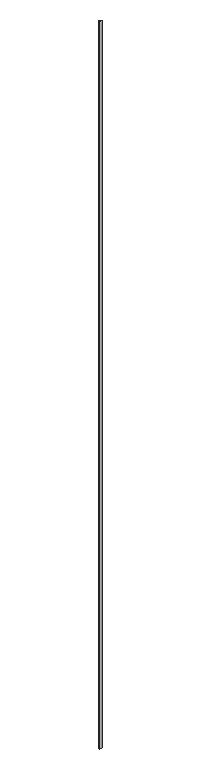
Revit family
Parameters (values of type "22 w")
  Width = 300 mm
  Weight = "0,9 - 1,8 kg"
  Wattage Comments = "22 w (eller 60 w)"
  Wattage = 12.1178 W
  built-in parameter 1150110 = 1 (stored number, unit not read)
  Voltage = 230
  URL = "www.focus-lighting.dk"
  built-in parameter 1114217 = 1 (stored number, unit not read)
  built-in parameter 1150109 = 1 (stored number, unit not read)
  built-in parameter 1150134 = (empty or 0)
  built-in parameter 1150113 = 1 (stored number, unit not read)
  Screen Material = "Opaliseret polycarbonat, selvslukkende "
  Model = "H+M Pendant ø300mm"
  Manufacturer = "Focus-Lighting"
  Lumens = 1800 lm
  built-in parameter 1150115 = 1 (stored number, unit not read)
  built-in parameter 1150105 = 572.96 (stored number, unit not read)
  Light Source Symbol Size = 10 mm
  built-in parameter 1150137 = (empty or 0)
  built-in parameter 1150139 = (empty or 0)
  built-in parameter 1150112 = 1 (stored number, unit not read)
  built-in parameter 1150114 = 1 (stored number, unit not read)
  Lamp Holder = "2GX13, E27"
  Lamp = "Lystofrør (eller glødepære)"
  built-in parameter 1150132 = 2
  built-in parameter 1150102 = (empty or 0)
  built-in parameter 1150138 = (empty or 0)
  built-in parameter 1150107 = 2700 (stored number, unit not read)
  built-in parameter 1150106 = 5.7296 (stored number, unit not read)
  Height = 170 mm
  Exterior Use = no
  Emit from Circle Diameter = 260 mm
  Emit Shape Visible in Rendering = no
  built-in parameter 1150104 = 13.8 (stored number, unit not read)
  Distance from ceiling [instance] = 2000 mm
  Dimming Lamp Color Temperature Shift = (empty or 0)
  Color Filter = 16777215
  Color = "Hvid, sort, grafitgrå"
  Coating = "Lakeret"
  Casing Materiale = "Aluminium"
  built-in parameter 1114218 = 1 (stored number, unit not read)
  built-in parameter 1150133 = 10 (stored number, unit not read)
Reference planes
  plane 1 "Light Source Axis (F/B)": y = 0
  plane 2: z = 0
  plane 3 "Light Source Axis (L/R)": x = 0
  plane 4 "Ceiling": z = 4000
  plane 5 "Light Source Elevation": z = 2025.54
  plane 6 "Lamp lower side": z = 2000
  plane 7 "Lamp top": z = 2173.999
Forms (mm)
  Extrusion 1, solid
    sketch origin (0, 0, 4000) x (0, 1, 0) y (-1, 0, 0)
      loop
        circle (0, 0) r 3.5
    from 0 to -1826.001
Lines and regions (mm)
  sketch lines
    curve 1: line (-2000, 2000, 0) -> (2000, 2000, 0)
    curve 2: line (-2000, 2000, 0) -> (-2000, -2000, 0)
    curve 3: line (-2000, -2000, 0) -> (2000, -2000, 0)
    curve 4: line (2000, 2000, 0) -> (2000, -2000, 0)
Dimensions and locks
  equal spacing: curve 2, plane 3 "Light Source Axis (L/R)", curve 4
  equal spacing: curve 3, plane 1 "Light Source Axis (F/B)", curve 1
  curve 2 to curve 4 = 4000 mm
  curve 3 to curve 1 = 4000 mm
  locked: plane 4 "Ceiling" to host ceiling at 0
  "Distance from ceiling": plane 6 "Lamp lower side" to plane 4 "Ceiling"
  locked: plane 6 "Lamp lower side" to plane 7 "Lamp top" at 173.999
  locked: plane 5 "Light Source Elevation" to plane 7 "Lamp top" at 148.458
  aligned and locked: plane 3 "Light Source Axis (L/R)" to imposter light
  aligned and locked: plane 1 "Light Source Axis (F/B)" to imposter light
  aligned and locked: plane 5 "Light Source Elevation" to imposter light
  aligned and locked: Extrusion 1 to plane 7 "Lamp top"
  aligned and locked: Extrusion 1 to plane 4 "Ceiling"
  aligned and locked: import instance to plane 6 "Lamp lower side"
Automatic sketch dimensions
  Extrusion 1 sketch curve to plane 1 "Light Source Axis (F/B)" = 0 mm
  Extrusion 1 sketch curve to plane 3 "Light Source Axis (L/R)" = 0 mm
  radius of Extrusion 1 sketch curve = 3.5 mm
